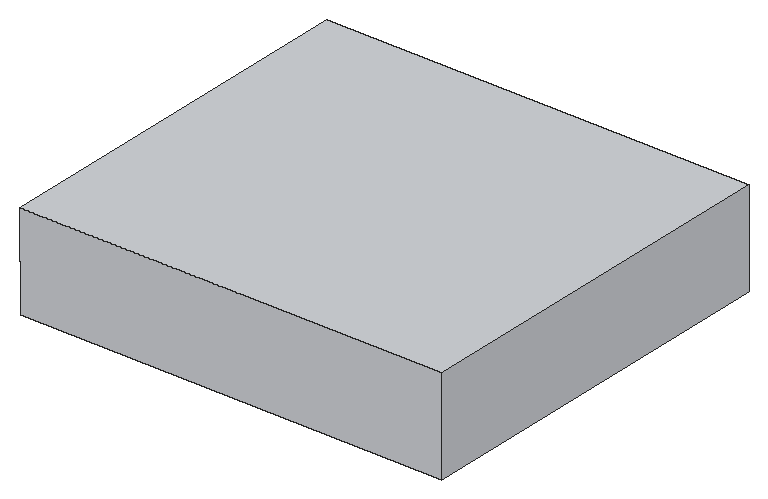
Revit family "Test", category Generic Models, Revit 2022
Family settings
  Can host rebar = No
  Round Connector Dimension = Use Diameter
  Part Type = Normal
  Work Plane-Based = No
  Always vertical = Yes
  Cut with Voids When Loaded = No
  Maintain Annotation Orientation = No
  Shared = No
  Room Calculation Point = No
Parameters
  Default Elevation = 0 mm
Reference planes
  plane 1 "Center (Front/Back)": y = 0
  plane 2: z = 0
  plane 3 "Center (Left/Right)": x = 0
Forms (mm)
  Extrusion 1, solid
    sketch origin (0, 0, 0) x (1, 0, 0) y (0, 1, 0)
      loop
        line (0, 0) -> (1100, 0) -> (1100, 1000) -> (0, 1000) -> (0, 0)
    from 0 to 250
Dimensions and locks
  plane 3 "Center (Left/Right)" to Extrusion 1 = 1100 mm
  plane 1 "Center (Front/Back)" to Extrusion 1 = 1000 mm
  aligned and locked: level to plane 2
  aligned and locked: plane 1 "Center (Front/Back)" to Extrusion 1 sketch curve
  aligned and locked: Extrusion 1 sketch curve to plane 3 "Center (Left/Right)"
Automatic sketch dimensions
  plane 3 "Center (Left/Right)" to Extrusion 1 sketch curve = 1100 mm
  Extrusion 1 sketch curve to plane 1 "Center (Front/Back)" = 1000 mm
